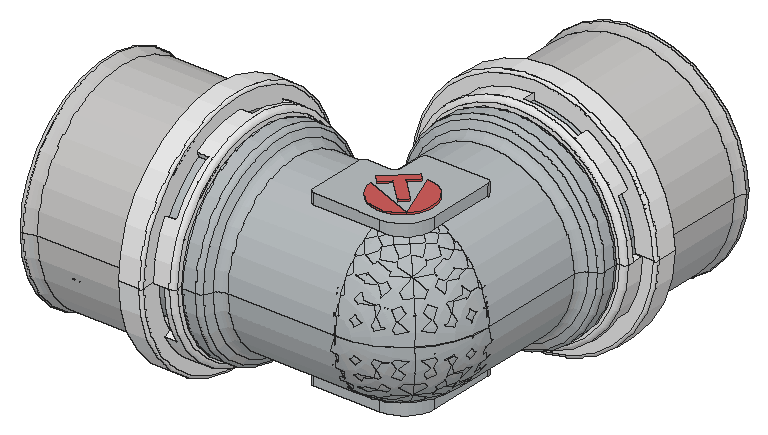
Revit family "VTm_251_УгольникПресс1", category Соединительные детали трубопроводов, Revit 2017
Family settings
  Размер круглого соединителя = Использовать диаметр
  Тип детали = Отвод
  На основе рабочей плоскости = Нет
  Всегда вертикально = Да
  При загрузке вырезать с полостями = Нет
  Общий = Нет
Parameters (values of type "все существующие типоразмеры подбираются автоматически")
  Тело40 = VTm_251_ТелоУголка_40 : VTm_251_ТелоУголка_40
  Тело32 = VTm_251_ТелоУголка_32 : VTm_251_ТелоУголка_32
  Тело26 = VTm_251_ТелоУголка_26 : VTm_251_ТелоУголка_26
  Тело20 = VTm_251_ТелоУголка_20 : VTm_251_ТелоУголка_20
  Тело16 = VTm_251_ТелоУголка_16 : VTm_251_ТелоУголка_16
  Тело [instance] = if(and(DN1 = 16.00 mm, DN2 = 16.00 mm), Тело16, if(and(DN1 = 20.00 mm, DN2 = 20.00 mm), Тело20, if(and(DN1 = 26.00 mm, DN2 = 26.00 mm), Тело26, if(and(DN1 = 32.00 mm, DN2 = 32.00 mm), Тело32, Тело40))))  # VTm_251_ТелоУголка_40 : VTm_251_ТелоУголка_40
  Стоимость = 0
  РадБазы2 [instance] = DN2 / 4  # 10.00 mm
  РадБазы1 [instance] = DN1 / 4  # 10.00 mm
  Описание = "Служит для пресс соединения с поворотом на 90° металлополимерных, PEX и PE труб"  # constant formula
  Комментарии к типоразмеру = "Модель разработана по заказу ВЕСТА Регионы, автор Михаил Кузьмин НПО ИНКОМИС, правообладатель ВЕСТА Регионы"  # constant formula
  Имя, размер [instance] = ADSK_Наименование  # "Угольник пресс 40х40 90° VTm.251"
  Изготовитель = "VALTEC"  # constant formula
  ДлинаБазы2 [instance] = size_lookup(DB1, "ST2", 0.00 mm, DN1, DN2)  # 29.93 mm
  ДлинаБазы1 [instance] = size_lookup(DB1, "ST1", 0.00 mm, DN1, DN2)  # 29.93 mm
  Гильза40 = VTm_251_Гильза_от_16_до_40 : 40
  Гильза32 = VTm_251_Гильза_от_16_до_40 : 32
  Гильза26 = VTm_251_Гильза_от_16_до_40 : 26
  Гильза20 = VTm_251_Гильза_от_16_до_40 : 20
  Гильза16 = VTm_251_Гильза_от_16_до_40 : 16
  Гильза [instance] = if(and(DN1 = 16.00 mm, DN2 = 16.00 mm), Гильза16, if(and(DN1 = 20.00 mm, DN2 = 20.00 mm), Гильза20, if(and(DN1 = 26.00 mm, DN2 = 26.00 mm), Гильза26, if(and(DN1 = 32.00 mm, DN2 = 32.00 mm), Гильза32, Гильза40))))  # VTm_251_Гильза_от_16_до_40 : 40
  VT_Цена базовая [instance] = size_lookup(DB3, "ST1", 0, DN1, DN2)  # 1001
  VT_sleeve = Нержавеющая сталь
  VT_ring = Пластмасса, непрозрачная, белая
  VT_logo [instance] = Алюминий, анодированный красный
  VT_body = Цинк
  URL = "http://valtec.ru/catalog/sistemy_metallopolimernyh_i_polimernyh_truboprovodov/press_fitingi/press_fiting_ugolnik_vtm251n.html"
  DN2 [instance] = 40.00 mm
  DN1 [instance] = 40.00 mm
  DB4 = "VTm_251_МассаТекст"  # constant formula
  DB3 = "VTm_251_Артикул_Цены"  # constant formula
  DB2 = "VTm_251_Позиция_Масса"  # constant formula
  DB1 = "VTm_251_Наименование_Размеры"  # constant formula
  ADSK_Примечание [instance] = ""
  ADSK_Позиция [instance] = size_lookup(DB2, "", "Такого типоразмера не существует", DN1, DN2)  # "251.40"
  ADSK_Обозначение [instance] = size_lookup(DB3, "", "Такого типоразмера не существует", DN1, DN2)  # "VTm.251.N.004040"
  ADSK_Наименование [instance] = size_lookup(DB1, "", "Такого типоразмера не существует", DN1, DN2)  # "Угольник пресс 40х40 90° VTm.251"
  ADSK_Масса_Текст [instance] = size_lookup(DB4, "", " ", DN1, DN2)  # "0,439"
  ADSK_Масса [instance] = size_lookup(DB2, "ST1", 0, DN1, DN2)  # 0.439
  ADSK_Завод-изготовитель = "VALTEC"  # constant formula
  ADSK_Единица измерения = "шт"  # constant formula
  ADSK_Версия семейства = "01.01"  # constant formula
  ADSK_Версия Revit = "2017"  # constant formula
Reference planes
  plane 1 "По центру (Вперед/Назад)": y = 0
  plane 2: z = 0
  plane 3 "По центру (Влево/Вправо)": x = 0
  plane 4: x = -29.93
  plane 5: y = 29.93
  plane 6: x = -69.93
  plane 7: x = -109.93
  plane 8: y = 69.93
  plane 9: y = 109.93
  plane 10: x = -40
  plane 11: x = 40
  plane 12: y = 40
  plane 13: y = -40
Forms (mm)
  Extrusion 1, solid, not visible
    sketch origin (0, 0, 0) x (0, 1, 0) y (0, 0, 1)
      loop
        circle (0, 0) r 10
    from 0 to -29.93
  Extrusion 2, solid, not visible
    sketch origin (0, 0, 0) x (1, 0, 0) y (0, 0, 1)
      loop
        circle (0, 0) r 10
    from 0 to -29.93
Lines and regions (mm)
  model lines, style "VT_symbol", detail levels medium
    curve 1: line (-40, 109.93, 0) -> (40, 29.93, 0)
    curve 2: line (40, 109.93, 0) -> (-40, 29.93, 0)
    curve 3: line (-109.93, 40, 0) -> (-29.93, -40, 0)
    curve 4: line (-109.93, -40, 0) -> (-29.93, 40, 0)
  model lines, style "VT_symbol", detail levels coarse+medium
    curve 5: line (-29.93, 0, 0) -> (0, 0, 0)
    curve 6: line (0, 0, 0) -> (0, 29.93, 0)
Dimensions and locks
  "ДлинаБазы1": plane 4 to plane 3 "По центру (Влево/Вправо)"
  "ДлинаБазы2": plane 5 to plane 1 "По центру (Вперед/Назад)"
  equal spacing: plane 12, plane 1 "По центру (Вперед/Назад)", plane 13
  equal spacing: plane 7, plane 6, plane 4
  "DN1": plane 6 to plane 4
  "DN1": plane 1 "По центру (Вперед/Назад)" to plane 13
  equal spacing: plane 10, plane 3 "По центру (Влево/Вправо)", plane 11
  "DN2": plane 3 "По центру (Влево/Вправо)" to plane 11
  equal spacing: plane 9, plane 8, plane 5
  "DN2": plane 8 to plane 5
  "РадБазы1": radius of Extrusion 1 sketch curve
  "РадБазы2": radius of Extrusion 2 sketch curve
  aligned and locked: level to plane 2
  aligned and locked: plane 1 "По центру (Вперед/Назад)" to Extrusion 1 sketch curve
  aligned and locked: plane 2 to Extrusion 1 sketch curve
  aligned and locked: plane 3 "По центру (Влево/Вправо)" to Extrusion 2 sketch curve
  aligned and locked: plane 2 to Extrusion 2 sketch curve
  aligned and locked: Extrusion 1 to plane 3 "По центру (Влево/Вправо)"
  aligned and locked: plane 1 "По центру (Вперед/Назад)" to Extrusion 2
  aligned and locked: plane 5 to Extrusion 2
  aligned and locked: Extrusion 1 to plane 4
  aligned and locked: nested 1 to plane 1 "По центру (Вперед/Назад)"
  aligned and locked: plane 3 "По центру (Влево/Вправо)" to nested 2
  aligned and locked: plane 2 to nested 1
  aligned and locked: plane 2 to nested 2
  aligned and locked: plane 1 "По центру (Вперед/Назад)" to nested 3
  aligned and locked: plane 3 "По центру (Влево/Вправо)" to nested 3
  aligned and locked: plane 2 to nested 3
  aligned and locked: nested 5 to plane 1 "По центру (Вперед/Назад)"
  aligned and locked: nested 5 to plane 2
  aligned and locked: plane 3 "По центру (Влево/Вправо)" to nested 4
  aligned and locked: nested 4 to plane 2
  aligned and locked: plane 12 to curve 4
  aligned and locked: plane 4 to curve 4
  aligned and locked: plane 12 to curve 3
  aligned and locked: plane 7 to curve 3
  aligned and locked: plane 13 to curve 4
  aligned and locked: curve 4 to plane 7
  aligned and locked: plane 13 to curve 3
  aligned and locked: plane 4 to curve 3
  aligned and locked: plane 5 to curve 2
  aligned and locked: plane 10 to curve 2
  aligned and locked: plane 9 to curve 1
  aligned and locked: plane 10 to curve 1
  aligned and locked: plane 9 to curve 2
  aligned and locked: plane 11 to curve 2
  aligned and locked: plane 5 to curve 1
  aligned and locked: plane 11 to curve 1
  aligned and locked: plane 1 "По центру (Вперед/Назад)" to curve 5
  aligned and locked: plane 4 to curve 5
  aligned and locked: plane 3 "По центру (Влево/Вправо)" to curve 5
  aligned and locked: plane 1 "По центру (Вперед/Назад)" to curve 6
  aligned and locked: plane 5 to curve 6
Nested families
  nested 1: "VTm_251_Гильза_от_16_до_40" at (-29.93, 0, 0) x (0, 1, 0) z (-1, 0, 0), type <- "Гильза", type "40", detail levels fine
  nested 2: "VTm_251_Гильза_от_16_до_40" at (0, 29.93, 0) x (1, 0, 0) z (0, 1, 0), type <- "Гильза", type "40", detail levels fine
  nested 3: "VTm_251_ТелоУголка_40" at (0, 0, 0), type <- "Тело", type "VTm_251_ТелоУголка_40", detail levels fine
  nested 4: "MarkR" at (0, 29.93, 0) x (1, 0, 0) z (0, -1, 0), type "MarkR", not visible
  nested 5: "MarkR" at (-29.93, 0, 0) x (0, 1, 0) z (1, 0, 0), type "MarkR", not visible
Connectors
  piping at (-29.93, 0, 0), diameter 40, driven by "DN1"
    settings: on Extrusion 1, index 1, connector inside diameter 609.6 mm, connector length 0.00 mm, flow factor 0, pipe flow 0.0 L/s, pressure drop 0.0 Pa, fitting loss kfactor 0, connector angle 90.00°, fixture units 0, engagement length 0.00 mm, angle of deflection 0.00°, flow configuration 0, flow direction 0, fitting loss method 0, system type 28, joint type 0, gender type 0, connector reference index 2, connector utility 0, adjustable connector no, is connector primary yes, connector description ""
  piping at (0, 29.93, 0), diameter 40, driven by "DN2"
    settings: on Extrusion 2, index 2, connector inside diameter 609.6 mm, connector length 0.00 mm, flow factor 0, pipe flow 0.0 L/s, pressure drop 0.0 Pa, fitting loss kfactor 0, connector angle 90.00°, fixture units 0, engagement length 0.00 mm, angle of deflection 0.00°, flow configuration 0, flow direction 0, fitting loss method 0, system type 28, joint type 0, gender type 0, connector reference index 1, connector utility 0, adjustable connector no, is connector primary no, connector description ""
Definition of nested family "VTm_251_Гильза_от_16_до_40"
  Parameters (values of type "16")
    ТолщСтенкТруб = 2.10 mm
    РегулировкаВысотГильз = 17.30 mm
    РадПерфНаруж = 9.30 mm
    РадПерфВнутр = РадПерфНаруж - 1.30 mm  # 8.00 mm
    РадГабаритКольца = 11.20 mm
    Default Elevation = 0.00 mm
    НарРадТруб = НарДиамТруб / 2  # 8.00 mm
    НарДиамТруб = 16.00 mm
    ВысотаОкон = 2.697 mm
    VT_body = none
    VT_ring = none
    VT_sleeve = none
  Types (5, lengths in mm): name | ТолщСтенкТруб | РегулировкаВысотГильз | РадПерфНаруж | РадПерфВнутр | РадГабаритКольца | НарРадТруб | НарДиамТруб | ВысотаОкон
    16 | 2.10 | 17.30 | 9.30 | 8.00 | 11.20 | 8.00 | 16.00 | 2.697
    20 | 2.10 | 17.35 | 11.45 | 10.15 | 13.20 | 10.05 | 20.10 | 2.697
    26 | 3.05 | 17.20 | 14.35 | 13.05 | 16.25 | 13.075 | 26.15 | 2.697
    32 | 3.10 | 16.80 | 17.30 | 16.00 | 19.40 | 16.175 | 32.35 | 2.697
    40 | 3.60 | 18.70 | 21.50 | 20.20 | 24.30 | 20.20 | 40.40 | 2.40
  Reference planes
    plane 1 "По центру (Вперед/Назад)": y = 0
    plane 2: z = 0
    plane 3 "По центру (Влево/Вправо)": x = 0
    plane 4: z = -1.8
    plane 5: z = 2.697
    plane 6: z = 7.197
    plane 7: x = -11.2
    plane 8: x = -9.3
    plane 9 "РадПерфВнутр": x = -8
    plane 10: through (0, 0, 1219.2) normal (-0.5, -0.866, 0)
    plane 11: through (0, 0, 1219.2) normal (-0.866, -0.5, 0)
    plane 12: through (0, 0, 1219.2) normal (-0.866, 0.5, 0)
    plane 13: through (0, 0, 1219.2) normal (-0.5, 0.866, 0)
    plane 14: x = -8.9
    plane 15: z = 24.497
    plane 16: z = 27.313
    plane 17: x = -5.9
    plane 18: x = -3.5
    plane 19 "РадНарТруб": x = -8
    plane 20: x = -13.75
  Forms (mm)
    Extrusion 1, solid, not visible
      sketch origin (0, 0, 0) x (1, 0, 0) y (0, 1, 0)
        loop
          line (-1219.2, 1219.2) -> (-1219.2, -1219.2) -> (1219.2, -1219.2) -> (1219.2, 1219.2) -> (-1219.2, 1219.2)
      from 0 to -304.8
    Revolve 2, solid, material <- "VT_ring"
      sketch origin (0, 0, 0) x (1, 0, 0) y (0, 0, 1)
        loop
          line (-8, 0) -> (-8, 2.697) -> (-9.3, 2.697) -> (-9.3, -0.817)
          arc (-9.3, -0.817) -> (-9.012, -1.512) -> (-8.317, -1.8) r 0.983
          line (-8.317, -1.8) -> (0, -1.8) -> (0, 0) -> (-8, 0)
        axis (0, 2.697) -> (0, -1.8)
      angle from 0 to 360
    Extrusion 3, void
      sketch origin (0, 0, 0) x (1, 0, 0) y (0, 1, 0)
        loop
          line (-9.3, 0) -> (-8, 0)
          arc (-8, 0) -> (-7.727, 2.071) -> (-6.928, 4) r 8
          line (-6.928, 4) -> (-8.054, 4.65)
          arc (-8.054, 4.65) -> (-8.983, 2.407) -> (-9.3, 0) r 9.3
        loop
          arc (-4, 6.928) -> (-2.071, 7.727) -> (0, 8) r 8
          line (0, 8) -> (0, 9.3)
          arc (0, 9.3) -> (-2.407, 8.983) -> (-4.65, 8.054) r 9.3
          line (-4.65, 8.054) -> (-4, 6.928)
        loop
          arc (4, 6.928) -> (5.657, 5.657) -> (6.928, 4) r 8
          line (6.928, 4) -> (8.054, 4.65)
          arc (8.054, 4.65) -> (6.576, 6.576) -> (4.65, 8.054) r 9.3
          line (4.65, 8.054) -> (4, 6.928)
        loop
          arc (8, 0) -> (7.727, -2.071) -> (6.928, -4) r 8
          line (6.928, -4) -> (8.054, -4.65)
          arc (8.054, -4.65) -> (8.983, -2.407) -> (9.3, 0) r 9.3
          line (9.3, 0) -> (8, 0)
        loop
          arc (4, -6.928) -> (2.071, -7.727) -> (0, -8) r 8
          line (0, -8) -> (0, -9.3)
          arc (0, -9.3) -> (2.407, -8.983) -> (4.65, -8.054) r 9.3
          line (4.65, -8.054) -> (4, -6.928)
        loop
          arc (-8.054, -4.65) -> (-6.576, -6.576) -> (-4.65, -8.054) r 9.3
          line (-4.65, -8.054) -> (-4, -6.928)
          arc (-4, -6.928) -> (-5.657, -5.657) -> (-6.928, -4) r 8
          line (-6.928, -4) -> (-8.054, -4.65)
      from 0 to 2.697
    Revolve 4, solid, material <- "VT_ring"
      sketch origin (0, 0, 0) x (1, 0, 0) y (0, 0, 1)
        loop
          line (-11.2, 7.197) -> (-11.2, 3.224)
          arc (-11.2, 3.224) -> (-11.046, 2.851) -> (-10.674, 2.697) r 0.526
          line (-10.674, 2.697) -> (-8, 2.697) -> (-8, 7.197) -> (-11.2, 7.197)
        axis (0, 2.697) -> (0, 7.197)
      angle from 0 to 360
    Revolve 5, solid, material <- "VT_sleeve"
      sketch origin (0, 0, 0) x (1, 0, 0) y (0, 0, 1)
        loop
          line (-8.9, 7.197) -> (-8, 7.197) -> (-8, 24.497)
          arc (-8, 24.497) -> (-8.187, 25.953) -> (-8.737, 27.313) r 5.75
          arc (-8.737, 27.313) -> (-9.35, 27.485) -> (-9.522, 26.873) r 0.45
          arc (-9.522, 26.873) -> (-9.058, 25.725) -> (-8.9, 24.497) r 4.85
          line (-8.9, 24.497) -> (-8.9, 7.197)
        axis (0, 27.313) -> (0, 7.197)
      angle from 0 to 360
    Revolve 6, solid, material <- "VT_body"
      sketch origin (0, 0, 0) x (1, 0, 0) y (0, 0, 1)
        loop
          line (-3.764, 24.955) -> (-4.576, 26.366)
          arc (-4.576, 26.366) -> (-4.898, 26.631) -> (-5.315, 26.617) r 0.591
          arc (-5.315, 26.617) -> (-5.74, 26.267) -> (-5.9, 25.739) r 0.951
          line (-5.9, 25.739) -> (-5.9, 0) -> (-3.5, 0) -> (-3.5, 23.969)
          arc (-3.5, 23.969) -> (-3.567, 24.479) -> (-3.764, 24.955) r 1.977
        axis (0, 26.617) -> (0, 0)
      angle from 0 to 360
  Cuts and joins
    Extrusion 3 cuts Revolve 2
  Dimensions and locks
    "РадГабаритКольца": plane 7 to plane 3 "По центру (Влево/Вправо)"
    "РадПерфНаруж": plane 8 to plane 3 "По центру (Влево/Вправо)"
    "РадПерфВнутр": plane 9 "РадПерфВнутр" to plane 3 "По центру (Влево/Вправо)"
    locked: plane 17 to plane 18 at 2.4
    "ТолщСтенкТруб": plane 19 "РадНарТруб" to plane 17
    "НарРадТруб": plane 19 "РадНарТруб" to plane 3 "По центру (Влево/Вправо)"
    locked: plane 14 to plane 19 "РадНарТруб" at 0.9
    "РегулировкаВысотГильз": plane 15 to plane 6
    locked: plane 16 to plane 15 at 2.816
    plane 16 to plane 4 = 29.113 mm
    locked: plane 19 "РадНарТруб" to plane 20 at 5.75
    locked: plane 6 to plane 5 at 4.5
    locked: plane 2 to plane 4 at 1.8
    "ВысотаОкон": plane 5 to plane 2
    "РадПерфВнутр": radius of Extrusion 3 sketch curve  (x6)
    "РадПерфНаруж": radius of Extrusion 3 sketch curve  (x6)
    aligned and locked: plane 2 to Extrusion 1
    aligned and locked: level to Extrusion 1
    aligned and locked: Revolve 2 sketch curve to plane 8
    aligned and locked: Revolve 2 sketch curve to plane 3 "По центру (Влево/Вправо)"
    aligned and locked: plane 2 to Revolve 2 sketch curve
    aligned and locked: plane 4 to Revolve 2 sketch curve  (x2)
    aligned and locked: Revolve 2 sketch curve to plane 2
    aligned and locked: Extrusion 3 sketch curve to plane 1 "По центру (Вперед/Назад)"
    aligned and locked: plane 10 to Extrusion 3 sketch curve
    aligned and locked: plane 3 "По центру (Влево/Вправо)" to Extrusion 3 sketch curve  (x13)
    aligned and locked: plane 1 "По центру (Вперед/Назад)" to Extrusion 3 sketch curve  (x13)
    aligned and locked: Extrusion 3 to plane 2
    aligned and locked: plane 5 to Extrusion 3
    aligned and locked: Revolve 2 sketch curve to plane 9 "РадПерфВнутр"
    aligned and locked: Revolve 2 sketch curve to plane 5
    aligned and locked: Extrusion 3 sketch curve to plane 11
    aligned and locked: Extrusion 3 sketch curve to plane 3 "По центру (Влево/Вправо)"
    aligned and locked: Extrusion 3 sketch curve to plane 12
    aligned and locked: plane 13 to Extrusion 3 sketch curve
    aligned and locked: Extrusion 3 sketch curve to plane 10
    aligned and locked: plane 11 to Extrusion 3 sketch curve
    aligned and locked: Extrusion 3 sketch curve to plane 13
    aligned and locked: plane 12 to Extrusion 3 sketch curve
    aligned and locked: plane 9 "РадПерфВнутр" to Revolve 4 sketch curve
    aligned and locked: plane 7 to Revolve 4 sketch curve
    aligned and locked: plane 6 to Revolve 4 sketch curve
    aligned and locked: Revolve 4 sketch curve to plane 5
    aligned and locked: plane 3 "По центру (Влево/Вправо)" to Revolve 4 sketch curve
    aligned and locked: plane 4 to Revolve 4 sketch curve
    aligned and locked: plane 2 to Revolve 4 sketch curve
    aligned and locked: Revolve 5 sketch curve to plane 3 "По центру (Влево/Вправо)"
    aligned and locked: plane 4 to Revolve 5 sketch curve
    aligned and locked: plane 2 to Revolve 5 sketch curve
    aligned and locked: Revolve 5 sketch curve to plane 14
    aligned and locked: Revolve 5 sketch curve to plane 6
    aligned and locked: Revolve 6 sketch curve to plane 2
    aligned and locked: plane 17 to Revolve 6 sketch curve
    aligned and locked: Revolve 6 sketch curve to plane 3 "По центру (Влево/Вправо)"
    aligned and locked: plane 4 to Revolve 6 sketch curve
    aligned and locked: plane 2 to Revolve 6 sketch curve
    aligned and locked: Revolve 6 sketch curve to plane 18
    aligned and locked: Revolve 5 sketch curve to plane 19 "РадНарТруб"
    aligned and locked: plane 20 to Revolve 5 sketch curve  (x2)
    aligned and locked: plane 15 to Revolve 5 sketch curve  (x2)
  Automatic sketch dimensions
    Extrusion 1 sketch curve to Extrusion 1 sketch curve = 2438.40 mm  (x2)
    Revolve 2 sketch curve to plane 3 "По центру (Влево/Вправо)" = 0.00 mm
    Revolve 2 sketch curve to plane 9 "РадПерфВнутр" = 0.317 mm
    Revolve 4 sketch curve to Revolve 4 sketch curve = 0.526 mm
    Revolve 5 sketch curve to plane 16 = 0.00 mm
    Revolve 5 sketch curve to Revolve 5 sketch curve = 0.00 mm  (x2)
    Revolve 6 sketch curve to plane 17 = 0.423 mm
    Revolve 6 sketch curve to plane 17 = 0.812 mm
    Revolve 6 sketch curve to Revolve 6 sketch curve = 0.139 mm
    Revolve 6 sketch curve to Revolve 6 sketch curve = 0.512 mm
    plane 18 to Revolve 6 sketch curve = 0.264 mm
    plane 15 to Revolve 6 sketch curve = 0.528 mm
    Revolve 6 sketch curve to Revolve 6 sketch curve = 0.332 mm
Definition of nested family "VTm_251_ТелоУголка_40"
  Parameters (values of type "VTm_251_ТелоУголка_40")
    Description = ""
    Type Comments = ""
    VT_logo = none
    VT_body = none
  Reference planes
    plane 1 "По центру (Вперед/Назад)": y = 0
    plane 2: z = 0
    plane 3 "По центру (Влево/Вправо)": x = 0
    plane 4: z = -17.065
    plane 5: z = 17.065
    plane 6: z = -1.5
    plane 7: z = 1.5
  Forms (mm)
    Revolve 1, solid, material <- "VT_body"
      sketch origin (0, 0, 0) x (1, 0, 0) y (0, 1, 0)
        loop
          line (-28.125, 0) -> (-28.125, -19.385)
          arc (-28.125, -19.385) -> (-27.945, -19.82) -> (-27.51, -20) r 0.615
          line (-27.51, -20) -> (-25.094, -20)
          arc (-25.094, -20) -> (-24.471, -19.833) -> (-24.015, -19.377) r 1.246
          line (-24.015, -19.377) -> (-23.267, -18.081)
          arc (-23.267, -18.081) -> (-22.384, -17.198) -> (-21.178, -16.875) r 2.413
          line (-21.178, -16.875) -> (0, -16.875)
          arc (0, -16.875) -> (11.932, -11.932) -> (16.875, 0) r 16.875
          line (16.875, 0) -> (-28.125, 0)
        axis (-28.125, 0) -> (16.875, 0)
      angle from 0 to 360
    Extrusion 2, solid, material <- "VT_body"
      sketch origin (0.107, -0.059, 0) x (1, 0, 0) y (0, 1, 0)
        loop
          line (-12.75, 5.001) -> (-12.75, -6.441)
          arc (-12.75, -6.441) -> (-12.457, -7.148) -> (-11.75, -7.441) r 1
          line (-11.75, -7.441) -> (1.393, -7.441)
          arc (1.393, -7.441) -> (5.636, -5.684) -> (7.393, -1.441) r 6
          line (7.393, -1.441) -> (7.393, 11.75)
          arc (7.393, 11.75) -> (7.1, 12.457) -> (6.393, 12.75) r 1
          line (6.393, 12.75) -> (-5, 12.75)
          arc (-5, 12.75) -> (-5.707, 12.457) -> (-6, 11.75) r 1
          line (-6, 11.75) -> (-6, 7)
          arc (-6, 7) -> (-6.293, 6.293) -> (-7, 6) r 1
          line (-7, 6) -> (-11.751, 6)
          arc (-11.751, 6) -> (-12.457, 5.707) -> (-12.75, 5.001) r 0.999
      from -17.065 to 17.065
    Extrusion 3, solid, material <- "VT_body"
      sketch origin (-6.589, 6.475, 0) x (1, 0, 0) y (0, 1, 0)
        loop
          line (-17.565, 13.142) -> (-16.671, 11.593)
          arc (-16.671, 11.593) -> (-15.797, 10.72) -> (-14.604, 10.4) r 2.386
          line (-14.604, 10.4) -> (-10.286, 10.4) -> (-10.286, 14.717)
          arc (-10.286, 14.717) -> (-10.606, 15.911) -> (-11.481, 16.785) r 2.389
          line (-11.481, 16.785) -> (-12.786, 17.539) -> (-17.565, 13.142)
      from -1.5 to 1.5
    Revolve 4, solid, material <- "VT_body"
      sketch origin (0, 0, 0) x (0, -1, 0) y (-1, 0, 0)
        loop
          line (-28.125, 0) -> (-28.125, -19.377)
          arc (-28.125, -19.377) -> (-27.942, -19.817) -> (-27.502, -20) r 0.623
          line (-27.502, -20) -> (-25.093, -20)
          arc (-25.093, -20) -> (-24.471, -19.833) -> (-24.016, -19.378) r 1.244
          line (-24.016, -19.378) -> (-23.249, -18.05)
          arc (-23.249, -18.05) -> (-22.389, -17.19) -> (-21.214, -16.875) r 2.35
          line (-21.214, -16.875) -> (0, -16.875)
          arc (0, -16.875) -> (11.932, -11.932) -> (16.875, 0) r 16.875
          line (16.875, 0) -> (-28.125, 0)
        axis (-28.125, 0) -> (16.875, 0)
      angle from 0 to 360
  Dimensions and locks
    equal spacing: plane 5, plane 2, plane 4, locked at 17.065 each
    equal spacing: plane 7, plane 2, plane 6, locked at 1.5 each
    equal spacing: Extrusion 2, nested 1, Extrusion 2, locked at 13.846 each
    Extrusion 2 to nested 1 to Extrusion 2 = 8.904 mm locked, 8.00 mm locked
    equal spacing: Extrusion 2, nested 2, Extrusion 2, locked at 13.846 each
    Extrusion 2 to nested 2 to Extrusion 2 = 8.904 mm locked, 8.00 mm locked
    plane 1 "По центру (Вперед/Назад)" to Extrusion 3 = 16.875 mm
    Extrusion 3 to plane 3 "По центру (Влево/Вправо)" = 16.875 mm
    Extrusion 2 to Extrusion 2 to plane 1 "По центру (Вперед/Назад)" to Extrusion 2 = 6.75 mm locked, 5.941 mm locked, 7.50 mm locked
    Extrusion 2 to Extrusion 2 to plane 3 "По центру (Влево/Вправо)" to Extrusion 2 = 6.75 mm locked, 5.893 mm locked, 7.50 mm locked
    aligned and locked: level to plane 2
    aligned and locked: plane 1 "По центру (Вперед/Назад)" to Revolve 1 sketch curve
    aligned and locked: Revolve 1 sketch curve to plane 2
    aligned and locked: Revolve 1 sketch curve to Revolve 1 sketch curve
    aligned and locked: Extrusion 2 to plane 4
    aligned and locked: Extrusion 2 to plane 5
    aligned and locked: Extrusion 3 to plane 6
    aligned and locked: plane 7 to Extrusion 3
    aligned and locked: Revolve 4 sketch curve to Revolve 4 sketch curve
    aligned and locked: Revolve 4 sketch curve to plane 3 "По центру (Влево/Вправо)"
    aligned and locked: Revolve 4 sketch curve to plane 2
  Automatic sketch dimensions
    Revolve 1 sketch curve to Revolve 1 sketch curve = 21.178 mm
    Revolve 1 sketch curve to Revolve 1 sketch curve = 2.089 mm
    Revolve 1 sketch curve to Revolve 1 sketch curve = 0.748 mm
    Revolve 1 sketch curve to Revolve 1 sketch curve = 1.079 mm
    Revolve 1 sketch curve to Revolve 1 sketch curve = 1.206 mm
    Revolve 1 sketch curve to Revolve 1 sketch curve = 3.547 mm
    Revolve 1 sketch curve to Revolve 1 sketch curve = 0.125 mm
    Revolve 4 sketch curve to Revolve 4 sketch curve = 2.408 mm
    Revolve 4 sketch curve to Revolve 4 sketch curve = 3.547 mm
    Revolve 4 sketch curve to Revolve 4 sketch curve = 0.125 mm
    Extrusion 2 sketch curve to plane 3 "По центру (Влево/Вправо)" = 12.643 mm
    Extrusion 2 sketch curve to Extrusion 2 sketch curve = 1.00 mm  (x3)
    Extrusion 2 sketch curve to Extrusion 2 sketch curve = 0.999 mm
    Extrusion 2 sketch curve to Extrusion 2 sketch curve = 4.751 mm
    plane 3 "По центру (Влево/Вправо)" to Extrusion 2 sketch curve = 1.50 mm
    plane 3 "По центру (Влево/Вправо)" to Extrusion 2 sketch curve = 6.50 mm
    plane 1 "По центру (Вперед/Назад)" to Extrusion 2 sketch curve = 1.50 mm
    plane 3 "По центру (Влево/Вправо)" to Extrusion 2 sketch curve = 7.50 mm
    Extrusion 2 sketch curve to plane 1 "По центру (Вперед/Назад)" = 4.942 mm
    Extrusion 2 sketch curve to Extrusion 2 sketch curve = 4.75 mm
    Extrusion 3 sketch curve to plane 3 "По центру (Влево/Вправо)" = 24.154 mm
    Extrusion 3 sketch curve to Extrusion 3 sketch curve = 0.894 mm
    Extrusion 3 sketch curve to Extrusion 3 sketch curve = 2.066 mm
    Extrusion 3 sketch curve to Extrusion 3 sketch curve = 1.818 mm
    Extrusion 3 sketch curve to Extrusion 3 sketch curve = 1.929 mm
    Extrusion 3 sketch curve to Extrusion 3 sketch curve = 1.306 mm
    Extrusion 3 sketch curve to Extrusion 3 sketch curve = 4.318 mm
    Extrusion 3 sketch curve to plane 1 "По центру (Вперед/Назад)" = 16.875 mm
    Extrusion 3 sketch curve to Extrusion 3 sketch curve = 1.193 mm
    Extrusion 3 sketch curve to Extrusion 3 sketch curve = 1.93 mm
  Nested families
    nested 1: "VTm_251_Logo_12mm" at (-0.541, 0.565, 17.065) x (0.7071, 0.7071, 0) z (0, 0, 1), type "VTm_251_Logo_12mm"
    nested 2: "VTm_251_Logo_12mm" at (-0.541, 0.565, -17.065) x (-0.7071, -0.7071, 0) z (0, 0, -1), type "VTm_251_Logo_12mm"
  Definition of nested family "VTm_251_Logo_12mm"
    Parameters (values of type "VTm_251_Logo_12mm")
      Default Elevation = 0.00 mm
      Description = ""
      Type Comments = ""
      VT_logo = none
    Reference planes
      plane 1 "По центру (Вперед/Назад)": y = 0
      plane 2: z = 0
      plane 3 "По центру (Влево/Вправо)": x = 0
      plane 4: z = -0.8
      plane 5: z = 0.25
    Forms (mm)
      Extrusion 1, solid, not visible
        sketch origin (0, 0, 0) x (1, 0, 0) y (0, 1, 0)
          loop
            line (-1219.2, 1219.2) -> (-1219.2, -1219.2) -> (1219.2, -1219.2) -> (1219.2, 1219.2) -> (-1219.2, 1219.2)
        from 0 to -304.8
      Extrusion 2, solid, material <- "VT_logo"
        sketch origin (0, 0, 0) x (1, 0, 0) y (0, 1, 0)
          loop
            line (-3.5, 6.117) -> (-3.5, 4.317) -> (-0.95, 4.317) -> (-0.95, -1.8) -> (0.95, -1.8) -> (0.95, 4.317) -> (3.5, 4.317) -> (3.5, 6.117) -> (-3.5, 6.117)
          loop
            line (-0.005, -6.003) -> (-4.465, 4.013)
            arc (-4.465, 4.013) -> (-5.484, -2.442) -> (-0.005, -6.003) r 6.003
        from -0.8 to 0.25
      Extrusion 3, solid, material <- "VT_logo"
        sketch origin (0, 0, 0) x (1, 0, 0) y (0, 1, 0)
          loop
            line (4.465, 4.013) -> (0.005, -6.003)
            arc (0.005, -6.003) -> (5.484, -2.442) -> (4.465, 4.013) r 6.003
        from -0.8 to 0.25
    Dimensions and locks
      locked: plane 2 to plane 4 at 0.8
      locked: plane 5 to plane 2 at 0.25
      Extrusion 2 sketch curve to plane 3 "По центру (Влево/Вправо)" to Extrusion 2 sketch curve = 3.50 mm, 3.50 mm
      Extrusion 2 sketch curve to plane 3 "По центру (Влево/Вправо)" to Extrusion 2 sketch curve = 0.95 mm, 0.95 mm
      Extrusion 2 sketch curve to plane 1 "По центру (Вперед/Назад)" = 1.80 mm
      Extrusion 2 sketch curve to Extrusion 2 sketch curve = 1.80 mm  (x2)
      Extrusion 2 sketch curve to plane 1 "По центру (Вперед/Назад)" = 6.117 mm
      equal spacing: Extrusion 2, plane 3 "По центру (Влево/Вправо)", Extrusion 2, locked at 3.5 each
      equal spacing: Extrusion 2, plane 3 "По центру (Влево/Вправо)", Extrusion 2, locked at 0.95 each
      locked: Extrusion 2 to Extrusion 2 at 1.8  (x2)
      locked: Extrusion 2 to plane 1 "По центру (Вперед/Назад)" at 1.8
      locked: Extrusion 2 to plane 1 "По центру (Вперед/Назад)" at 6.117
      aligned and locked: plane 2 to Extrusion 1
      aligned and locked: level to Extrusion 1
      aligned and locked: plane 3 "По центру (Влево/Вправо)" to Extrusion 2 sketch curve
      aligned and locked: plane 1 "По центру (Вперед/Назад)" to Extrusion 2 sketch curve
      aligned and locked: plane 1 "По центру (Вперед/Назад)" to Extrusion 3 sketch curve
      aligned and locked: plane 3 "По центру (Влево/Вправо)" to Extrusion 3 sketch curve
      aligned and locked: Extrusion 2 to plane 4
      aligned and locked: Extrusion 3 to plane 4
      aligned and locked: plane 5 to Extrusion 3
      aligned and locked: plane 5 to Extrusion 2
    Automatic sketch dimensions
      Extrusion 1 sketch curve to Extrusion 1 sketch curve = 2438.40 mm  (x2)
      Extrusion 2 sketch curve to Extrusion 2 sketch curve = 0.965 mm
      Extrusion 2 sketch curve to plane 3 "По центру (Влево/Вправо)" = 0.005 mm
      Extrusion 2 sketch curve to Extrusion 2 sketch curve = 4.203 mm
      plane 3 "По центру (Влево/Вправо)" to Extrusion 3 sketch curve = 0.005 mm
      plane 3 "По центру (Влево/Вправо)" to Extrusion 3 sketch curve = 4.465 mm
      plane 1 "По центру (Вперед/Назад)" to Extrusion 3 sketch curve = 6.003 mm
Definition of nested family "MarkR"
  Parameters (values of type "MarkR")
    Default Elevation = 0.00 mm
  Reference planes
    plane 1 "По центру (Вперед/Назад)": y = 0
    plane 2: z = 0
    plane 3 "По центру (Влево/Вправо)": x = 0
    plane 4: y = 0.437
    plane 5: x = -0.424
    plane 6: x = 0.424
    plane 7: y = -0.335
    plane 8: y = -0.62
    plane 9: y = 0.307
    plane 10: x = 0.537
    plane 11: x = -0.537
  Forms (mm)
    Extrusion 1, solid
      sketch origin (0, 0, 0) x (1, 0, 0) y (0, 1, 0)
        loop
          line (-1219.2, 1219.2) -> (-1219.2, -1219.2) -> (1219.2, -1219.2) -> (1219.2, 1219.2) -> (-1219.2, 1219.2)
      from 0 to -304.8
  Lines and regions (mm)
    model lines
      curve 1: circle (0, 0, 0) r 0.75 normal (0, 0, 1)
      curve 2: line (-0.537, 0.307, 0) -> (0, -0.62, 0)
      curve 3: line (0.537, 0.307, 0) -> (0, -0.62, 0)
      curve 4: line (0, -0.335, 0) -> (0, 0.437, 0)
      curve 5: line (-0.424, 0.437, 0) -> (0.424, 0.437, 0)
    model lines, not visible
      curve 6: circle (0, 0, 0) r 0.75 normal (0, 0, 1)
      curve 7: line (-0.537, 0.307, 0) -> (0, -0.62, 0)
      curve 8: line (0.537, 0.307, 0) -> (0, -0.62, 0)
      curve 9: line (0, -0.335, 0) -> (0, 0.437, 0)
      curve 10: line (-0.424, 0.437, 0) -> (0.424, 0.437, 0)
  Dimensions and locks
    locked: plane 4 to plane 1 "По центру (Вперед/Назад)" at 0.437
    locked: plane 7 to plane 1 "По центру (Вперед/Назад)" at 0.335
    locked: plane 9 to plane 1 "По центру (Вперед/Назад)" at 0.307
    locked: plane 8 to plane 1 "По центру (Вперед/Назад)" at 0.62
    equal spacing: plane 5, plane 3 "По центру (Влево/Вправо)", plane 6, locked at 0.424 each
    equal spacing: plane 11, plane 3 "По центру (Влево/Вправо)", plane 10, locked at 0.537 each
    aligned and locked: plane 2 to Extrusion 1
    aligned and locked: level to Extrusion 1
    aligned and locked: plane 2 to curve 1
    aligned and locked: plane 3 "По центру (Влево/Вправо)" to curve 1
    aligned and locked: plane 1 "По центру (Вперед/Назад)" to curve 1
  Automatic sketch dimensions
    Extrusion 1 sketch curve to Extrusion 1 sketch curve = 2438.40 mm  (x2)
